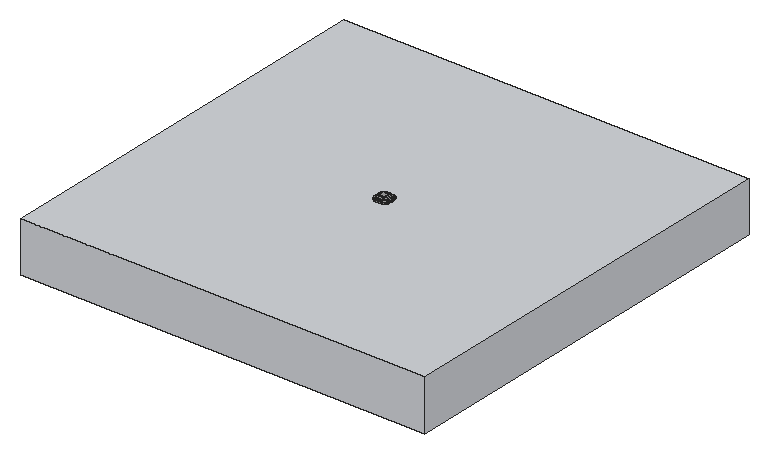
Revit family "2CKA006800A2734", category Elektroinstallationen, Revit 2017
Family settings
  Basisbauteil = Fläche
  Beschriftungsausrichtung beibehalten = Nein
  Bemaßung runder Anschluss = Durchmesser verwenden
  Teiletyp = Normal
  Beim Laden mit Abzugskörper schneiden = Nein
  Gemeinsam genutzt = Nein
  Raumberechnungspunkt = Nein
Parameters
  Werkstoffgüte = "Thermoplast"
  Werkstoff = "Kunststoff"
  Default Elevation = 1219.2 mm
  Unterkriechschutz/Rückfeldüberwachung = yes
  URL = "https://www.busch-jaeger.de/"
  Typname = "Busch-Präsenzmelder Universal, Relais, studioweiß matt, Bewegungs-/Präsenzmelder, Präsenzmelder"
  Treppenhausüberwachung = yes
  Temperatur [K] = "[-5:45]"
  Teach-Funktion für Ansprechhelligkeit = yes
  TYPE = "6819/30-24"
  Spannungsart = "AC"
  Sensortyp = "passiv Infrarot"
  Schutzart (IP) = "IP40"
  RAL-Nummer (ähnlich) = 9016
  Produktseite = "https://media.live.bim.site/t/eyJhbGciOiJIUzI1NiIsInR5cCI6IkpXVCJ9.eyJjdCI6MiwidHUiOiJodHRwOi8vYnVzY2gtamFlZ2VyLWthdGFsb2cuZGUvNjgwMC0wLTI3MzQsYXJ0aWtlbC5odG1sIiwiY2lkIjoiZmVkOThlOWEtMWJkOC00YzY4LWE3M2ItNzRhOTRlMzE1ODIzIiwicmlkIjoiMDliNGYxZWNhNTQ1OTZmMjI2MmViOWQ4YTdjYjRiM2QiLCJwaWQiOiJhZWM2NDVlNmMzNjFkZTZhMDMyODlhYmJhZWM3ODc4NTQzYmFmM2U5Iiwic2lkIjoiNjM3MzIiLCJ1dCI6MSwibGMiOiJkZSIsImlhdCI6MTU4MjE5NTQ1MywiaXNzIjoiaHR0cHM6Ly9hcGkubGl2ZS5iaW0uc2l0ZSIsInN1YiI6ImY1ODZjNGI2LWE1MDgtNDI3YS05ODE4LTEzMTc5NjY1NzZiYyJ9.DIbXmlXfDj4JHPVBngAilLdRjUSoJ7UhzlImQYOUr7s"
  Optimale Montagehöhe [m] = 3
  Oberfläche = "unbehandelt"
  Nennspannung [V] [Volt] = 230
  Nebenstelleneingang = yes
  Montageart = "sonstige"
  Min. Einschaltdauer [s] = 60
  Max. Schaltleistung [Voltampere] = 2300
  Max. Reichweite zu einer Seite [m] = 6
  Max. Reichweite frontal [m] = 6
  Max. Einschaltstrom = 800 A
  Max. Einschaltdauer [s] = 1800
  Ist Zubehör = no
  Ist System = no
  Hersteller = "Busch-Jaeger"
  HeinzeBIM = "https://www.heinze.de/bim/busch-praesenzmelder-universal-relais-studioweiss-matt-bewegungs-praesenzmelder-praesenzmelder/aec645e6c361de6a03289abbaec7878543baf3e9"
  Halogenfrei = yes
  HAN = "2CKA006800A2734"
  Gewicht [kg/m] = 0.16
  Gerätetiefe [mm] = 72
  Gerätehöhe [mm] = 94
  Gerätebreite [mm] = 94
  Geeignet für C-Last = yes
  GTIN = "4011395217559"
  Frequenz [Hz] = "[50:60]"
  Fernbedienbar = yes
  Farbe = "weiß"
  Erfassungswinkel horizontal [°] = "[90:360]"
  Erfassungsfeld Durchmesser auf Fußboden [m] = 12
  Datenblatt = "https://media.live.bim.site/t/eyJhbGciOiJIUzI1NiIsInR5cCI6IkpXVCJ9.eyJjdCI6MSwidGYiOiJwdWJsaWMvYnVzY2gtamFlZ2VyL2VhZjFmM2IvMkNLQTAwNjgwMEEyNzM0X1JPSFNfMjAxOV8xMF8wNy5wZGYiLCJjaWQiOiJmZWQ5OGU5YS0xYmQ4LTRjNjgtYTczYi03NGE5NGUzMTU4MjMiLCJyaWQiOiIwOWI0ZjFlY2E1NDU5NmYyMjYyZWI5ZDhhN2NiNGIzZCIsInBpZCI6ImFlYzY0NWU2YzM2MWRlNmEwMzI4OWFiYmFlYzc4Nzg1NDNiYWYzZTkiLCJzaWQiOiI2MzczMiIsInV0IjoxLCJsYyI6ImRlIiwiaWF0IjoxNTgyMTk1NDUzLCJpc3MiOiJodHRwczovL2FwaS5saXZlLmJpbS5zaXRlIiwic3ViIjoiZjU4NmM0YjYtYTUwOC00MjdhLTk4MTgtMTMxNzk2NjU3NmJjIn0.h8TlqYUF9vM0H1umJu5iNeW38sqU-3FXuRsMdLrDP3E/2CKA006800A2734_ROHS_2019_10_07.pdf"
  Beschreibung = "Busch-Präsenzmelder Universal, Relais, studioweiß matt, Bewegungs-/Präsenzmelder, Präsenzmelder, Busch-Präsenzmelder Universal, Relais 12 Meter Master-Präsenzmelder mit Mischlichtmessung. Zum helligkeits- und bewegungsabhängigen Schalten von Beleuchtungen. Mit Hochlastrelais für LED-Betrieb. Erfassungsbereich (bei 3 m Montagehöhe): kreisförmig: Sitzende Personen: bis zu Ø 10 m, gehende Personen: bis zu Ø 12 m. Erweiterung des Erfassungsbereiches durch Master-/Slave Kombination. Aufbauhöhe 23 mm. Für halb- und vollautomatischen Betrieb. Zusätzliche Ein-/Ausschaltmöglichkeit über Tastereingang. Mit Dauerlicht- / Dauer-Aus-Funktion (8 Std.), über intelligenten Nebenstelleneingang aktivierbar. Mit helligkeitsunabhängigem Testbetrieb zur Auswertung des Erfassungsbereiches. Mit Teach-In Funktion der Helligkeitsschaltschwelle, IR Service-Handsender erforderlich. Mit Erfassungsanzeige im Testbetrieb. Deckeneinbaumontage über integrierte Federbügel. Verdrehschutz über zusätzliche Schnellverspannung. Einstellelemente frontseitig zugänglich. Überwachungsdichte: 72 Sektoren mit 640 Schaltsegmenten. Ausschaltverzögerung: ca. 1 Min. - 30 Min. oder Kurzzeitimpuls einstellbar. Fernbedienbar über IR Service-Handsender 6843. Geeignet für abgehängte Decken mit eine Plattenstärke von 9 bis 25 mm. Einbaulochmaß: Ø 68 mm. Bedienelemente: 2 Regler zur Einstellung von Helligkeitsschaltschwelle und Nachlaufzeit. Anzeigeelemente: LED Erfassungs- und Statusanzeige. Nennspannung: 230 V~, +10 % / -10 % Nennfrequenz: 50 Hz/60 Hz Ausgänge: 1x Schließer, potenzialgebunden Lastart: 230 V-Glühlampen Nennleistung: 2300 W Lastart: 230 V~ LEDi Nennleistung: 200 W/VA Lastart: Leuchtstofflampen Nennstrom: 10 AX, bei cos ? 0,9 Öffnungswinkel: 360 ° Helligkeitsgrenzwert: 5 Lux - 2000 Lux Montagehöhe: 2 m - 4 m Schutzart Gerät: IP 40 Temperaturbereich Gerät: -5 °C bis 45 °C Maße (H x B x T): 94 mm x 94 mm x 72 mm Einbautiefe: 49 mm 60669-2-1"
  BIMSITE_PRODUCT_ID = "aec645e6c361de6a03289abbaec7878543baf3e9"
  BIM = "https://media.live.bim.site/t/eyJhbGciOiJIUzI1NiIsInR5cCI6IkpXVCJ9.eyJjdCI6MSwidGYiOiJwdWJsaWMvYnVzY2gtamFlZ2VyL2VhZjFmM2IvMkNLQTAwNjgwMEEyNzM0LnJmYSIsImNpZCI6ImZlZDk4ZTlhLTFiZDgtNGM2OC1hNzNiLTc0YTk0ZTMxNTgyMyIsInJpZCI6IjA5YjRmMWVjYTU0NTk2ZjIyNjJlYjlkOGE3Y2I0YjNkIiwicGlkIjoiYWVjNjQ1ZTZjMzYxZGU2YTAzMjg5YWJiYWVjNzg3ODU0M2JhZjNlOSIsInNpZCI6IjYzNzMyIiwidXQiOjUsImxjIjoiZGUiLCJpYXQiOjE1ODIxOTU0NTMsImlzcyI6Imh0dHBzOi8vYXBpLmxpdmUuYmltLnNpdGUiLCJzdWIiOiJmNTg2YzRiNi1hNTA4LTQyN2EtOTgxOC0xMzE3OTY2NTc2YmMifQ.XJHXP1khu09iUnTJ4bgw0CERvJNplyEFGY6ifIwssBE/2CKA006800A2734.rfa"
  Ausführung der Oberfläche = "matt"
  Ausführung = "Präsenzmelder"
  Anzahl der Schaltzonen = 640
  Ansprechhelligkeit einstellbar = yes
  Ansprechhelligkeit [lx] = "[5:2000]"
Reference planes
  plane 1 "Center (Front/Back)": y = 0
  plane 2: z = 0
  plane 3 "Center (Left/Right)": x = 0
Forms (mm)
  Extrusion 1, solid
    sketch origin (0, 0, 0) x (1, 0, 0) y (0, 1, 0)
      loop
        line (-1219.2, 1219.2) -> (-1219.2, -1219.2) -> (1219.2, -1219.2) -> (1219.2, 1219.2) -> (-1219.2, 1219.2)
    from 0 to -304.8
  Extrusion 2, solid, material "White", detail levels fine
    sketch origin (-407.065, -292.84, -48) x (1, 0, 0) y (0, 1, 0)
      loop
        line (360.433, 278.59) -> (361.996, 270.73) -> (362.898, 266.198) -> (367.35, 259.535) -> (369.917, 255.692) -> (376.58, 251.24) -> (380.423, 248.673) -> (384.955, 247.771) -> (392.815, 246.208) -> (405.622, 246.208) -> (409.375, 246.208) -> (421.315, 246.208) -> (429.174, 247.771) -> (433.706, 248.673) -> (440.369, 253.125) -> (444.212, 255.692) -> (448.664, 262.355) -> (451.231, 266.198) -> (452.133, 270.73) -> (453.696, 278.59) -> (453.696, 285.804) -> (453.696, 292.558) -> (453.696, 293.947) -> (453.696, 295.151) -> (453.696, 307.09) -> (452.133, 314.949) -> (451.231, 319.482) -> (446.779, 326.145) -> (444.212, 329.987) -> (437.549, 334.439) -> (433.706, 337.007) -> (429.174, 337.908) -> (421.315, 339.471) -> (410.769, 339.471) -> (403.36, 339.471) -> (392.815, 339.471) -> (384.955, 337.908) -> (380.423, 337.007) -> (373.76, 332.555) -> (369.917, 329.987) -> (365.465, 323.324) -> (362.898, 319.482) -> (361.996, 314.949) -> (360.433, 307.09) -> (360.433, 278.59)
    from 48 to 55.2
  Extrusion 3, solid, detail levels medium+fine
    sketch origin (-572.33, -275.12, -48) x (1, 0, 0) y (0, 1, 0)
      loop
        circle (572.33, 275.12) r 31.839
    from 0 to 48
  Extrusion 4, solid, material "White", detail levels fine
    sketch origin (0, 0, -48) x (1, 0, 0) y (0, 0, 1)
      loop
        line (37.19, 55.2) -> (34.327, 59.041) -> (31.638, 62.648) -> (26.481, 67.787) -> (20.728, 70.593) -> (13.999, 71.5) -> (-14, 71.5) -> (-21.202, 70.437) -> (-26.89, 67.501) -> (-31.639, 62.648) -> (-34.454, 58.871) -> (-37.19, 55.2) -> (37.19, 55.2)
    from 14.5 to -14.5
  Revolve 5, solid, material "White", detail levels fine
    sketch origin (0, 14.5, -48) x (1, 0, 0) y (0, 0, 1)
      loop
        line (-14, 71.5) -> (-21.202, 70.437) -> (-26.89, 67.501) -> (-31.639, 62.648) -> (-34.454, 58.871) -> (-37.19, 55.2) -> (-14, 55.2) -> (-14, 71.5)
      axis (-14, 55.2) -> (-14, 71.5)
    angle from 0 to 90
  Revolve 6, solid, material "White", detail levels fine
    sketch origin (0, -14.5, -48) x (-1, 0, 0) y (0, 0, 1)
      loop
        line (-14, 71.5) -> (-21.202, 70.437) -> (-26.89, 67.501) -> (-31.639, 62.648) -> (-34.454, 58.871) -> (-37.19, 55.2) -> (-14, 55.2) -> (-14, 71.5)
      axis (-14, 55.2) -> (-14, 71.5)
    angle from 0 to 90
  Revolve 7, solid, material "White", detail levels fine
    sketch origin (13.999, 0.5, -48) x (0, -1, 0) y (0, 0, 1)
      loop
        line (-14, 71.5) -> (-21.202, 70.437) -> (-26.89, 67.501) -> (-31.639, 62.648) -> (-34.454, 58.871) -> (-37.19, 55.2) -> (-14, 55.2) -> (-14, 71.5)
      axis (-14, 55.2) -> (-14, 71.5)
    angle from 0 to 90
  Revolve 8, solid, material "White", detail levels fine
    sketch origin (-14, -0.5, -48) x (0, 1, 0) y (0, 0, 1)
      loop
        line (-14, 71.5) -> (-21.202, 70.437) -> (-26.89, 67.501) -> (-31.639, 62.648) -> (-34.454, 58.871) -> (-37.19, 55.2) -> (-14, 55.2) -> (-14, 71.5)
      axis (-14, 55.2) -> (-14, 71.5)
    angle from 0 to 90
  Extrusion 9, solid, material "White", detail levels fine
    sketch origin (13.999, 0.5, -48) x (0, -1, 0) y (0, 0, 1)
      loop
        line (-21.202, 70.437) -> (-26.89, 67.501) -> (-31.639, 62.648) -> (-34.454, 58.871) -> (-37.19, 55.2) -> (-14, 55.2) -> (-14, 71.5) -> (-21.202, 70.437)
      loop
        line (32.639, 62.648) -> (27.89, 67.501) -> (22.202, 70.437) -> (15, 71.5) -> (15, 55.2) -> (38.191, 55.2) -> (35.454, 58.871) -> (32.639, 62.648)
    from 0 to 27.999
  Extrusion 10, solid, material "White", detail levels medium
    sketch origin (0, 0, 0) x (1, 0, 0) y (0, 1, 0)
      loop
        line (46.632, 46.632) -> (-46.632, 46.632) -> (-46.632, -46.632) -> (46.632, -46.632) -> (46.632, 46.632)
    from 0 to 7.2
  Extrusion 11, solid, material "White", detail levels medium
    sketch origin (0, 0, 0) x (1, 0, 0) y (0, 1, 0)
      loop
        line (37.19, 37.69) -> (-37.19, 37.69) -> (-37.19, -37.69) -> (37.19, -37.69) -> (37.19, 37.69)
    from 0 to 23.5
  Extrusion 12, solid, material "White", detail levels coarse
    sketch origin (0, 0, 0) x (1, 0, 0) y (0, 1, 0)
      loop
        line (-46.632, 46.632) -> (-46.632, -46.632) -> (46.632, -46.632) -> (46.632, 46.632) -> (-46.632, 46.632)
    from -48 to 23.5
Dimensions and locks
  aligned and locked: plane 2 to Extrusion 1
  aligned and locked: level to Extrusion 1
